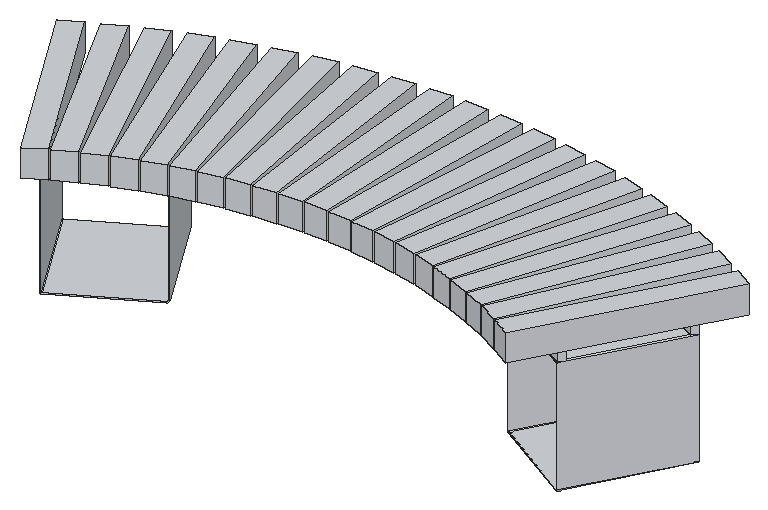
Revit family "Садово-парковая скамейка «Радиус»", category Мебель, Revit 2017
Family settings
  Номер OmniClass = 23.40.20.00
  Заголовок OmniClass = General Furniture and Specialties
  На основе рабочей плоскости = Нет
  Всегда вертикально = Да
  При загрузке вырезать с полостями = Нет
  Общий = Нет
  Точка расчета площади = Нет
Parameters (values of type "Садово-парковая скамейка «Радиус»")
  Стоимость = 9818
  С_Коментарий = "Цена указана за 1 м.п"
  Изготовитель = "ООО \"Хоббика\""
  URL = "https://hobbyka.ru/product/sadovoparkovaya_skameyka_radius/"
  ADSK_Размер_Ширина сидения = ADSK_Размер_Ширина  # 600 mm
  ADSK_Размер_Ширина = 600 mm
  ADSK_Размер_Высота сидения = ADSK_Размер_Высота  # 460 mm
  ADSK_Размер_Высота = 460 mm
  ADSK_Наименование = "Садово-парковая скамейка «Радиус»"
  ADSK_Материал опоры = none
  ADSK_Материал доски = none
  ADSK_Код изделия = "9705"
Reference planes
  plane 1 "По центру (Вперед/Назад)": y = 0
  plane 2: z = 0
  plane 3 "По центру (Влево/Вправо)": x = 0
  plane 4 "3": z = 460
  plane 5: z = 380
  plane 6 "1": z = 340
Forms (mm)
  Extrusion 1, solid, material <- "ADSK_Материал опоры"
    sketch origin (493.389, 89.517, 0) x (0.872612, -0.488414, 0) y (0, 0, 1)
      loop
        line (0, 0) -> (290, 0)
        arc (290, 0) -> (293.173, 0.937) -> (295, 3.695) r 4.835
        line (295, 3.695) -> (295, 336.262)
        arc (295, 336.262) -> (293.513, 338.908) -> (290.666, 339.957) r 4.39
        line (290.666, 339.957) -> (0, 339.957)
        arc (0, 339.957) -> (-3.241, 339.112) -> (-5, 336.262) r 4.499
        line (-5, 336.262) -> (-5, 3.695)
        arc (-5, 3.695) -> (-3.109, 1.024) -> (0, 0) r 5.23
      loop
        arc (289.935, 1.478) -> (291.84, 2.106) -> (293, 3.744) r 3.207
        line (293, 3.744) -> (293, 336.214)
        arc (293, 336.214) -> (292.045, 337.839) -> (290.271, 338.479) r 2.776
        line (290.271, 338.479) -> (-0.298, 338.479)
        arc (-0.298, 338.479) -> (-2.061, 337.838) -> (-3, 336.214) r 2.743
        line (-3, 336.214) -> (-3, 3.744)
        arc (-3, 3.744) -> (-1.84, 2.106) -> (0.065, 1.478) r 3.207
        line (0.065, 1.478) -> (289.935, 1.478)
    from 0 to -350
  Extrusion 2, solid, material <- "ADSK_Материал опоры"
    sketch origin (-746.4, -71.61, 0) x (0.859211, 0.511621, 0) y (0, 0, 1)
      loop
        line (0, 0) -> (290, 0)
        arc (290, 0) -> (293.173, 0.937) -> (295, 3.695) r 4.835
        line (295, 3.695) -> (295, 336.262)
        arc (295, 336.262) -> (293.513, 338.908) -> (290.666, 339.957) r 4.39
        line (290.666, 339.957) -> (0, 339.957)
        arc (0, 339.957) -> (-3.241, 339.112) -> (-5, 336.262) r 4.499
        line (-5, 336.262) -> (-5, 3.695)
        arc (-5, 3.695) -> (-3.109, 1.024) -> (0, 0) r 5.23
      loop
        arc (289.935, 1.478) -> (291.84, 2.106) -> (293, 3.744) r 3.207
        line (293, 3.744) -> (293, 336.214)
        arc (293, 336.214) -> (292.045, 337.839) -> (290.271, 338.479) r 2.776
        line (290.271, 338.479) -> (-0.298, 338.479)
        arc (-0.298, 338.479) -> (-2.061, 337.838) -> (-3, 336.214) r 2.743
        line (-3, 336.214) -> (-3, 3.744)
        arc (-3, 3.744) -> (-1.84, 2.106) -> (0.065, 1.478) r 3.207
        line (0.065, 1.478) -> (289.935, 1.478)
    from 0 to -350
  Extrusion 3, solid, material <- "ADSK_Материал опоры"
    sketch origin (0, 0, 0) x (1, 0, 0) y (0, 1, 0)
      loop
        arc (922.19, 251.426) -> (-5.783, 488.795) -> (-926.822, 225.801) r 1833.45
        line (-926.822, 225.801) -> (-915.461, 209.296)
        arc (-915.461, 209.296) -> (-6.223, 468.787) -> (910.042, 235.317) r 1813.45
        line (910.042, 235.317) -> (922.19, 251.426)
    from 380 to 340
  Extrusion 4, solid, material <- "ADSK_Материал доски"
    sketch origin (0, 0, 460) x (-1, 0, 0) y (0, -1, 0)
      loop
        line (-999.234, -335.729) -> (-942.514, -367.476) -> (-649.437, 156.15)
        arc (-649.437, 156.15) -> (-678.003, 171.654) -> (-706.189, 187.84) r 1353.651
        line (-706.189, 187.84) -> (-999.234, -335.729)
    from -80 to 0
  Extrusion 5, solid, material <- "ADSK_Материал доски"
    sketch origin (-70.693, -2.792, 460) x (-0.998634, -0.052247, 0) y (0.052247, -0.998634, 0)
      loop
        line (-999.234, -335.729) -> (-942.514, -367.476) -> (-649.437, 156.15)
        arc (-649.437, 156.15) -> (-678.003, 171.654) -> (-706.189, 187.84) r 1353.651
        line (-706.189, 187.84) -> (-999.234, -335.729)
    from -80 to 0
  Extrusion 6, solid, material <- "ADSK_Материал доски"
    sketch origin (-141.144, -9.273, 460) x (-0.99454, -0.104351, 0) y (0.104351, -0.99454, 0)
      loop
        line (-999.234, -335.729) -> (-942.514, -367.476) -> (-649.437, 156.15)
        arc (-649.437, 156.15) -> (-678.003, 171.654) -> (-706.189, 187.84) r 1353.651
        line (-706.189, 187.84) -> (-999.234, -335.729)
    from -80 to 0
  Extrusion 7, solid, material <- "ADSK_Материал доски"
    sketch origin (-211.161, -19.427, 460) x (-0.98773, -0.156171, 0) y (0.156171, -0.98773, 0)
      loop
        line (-999.234, -335.729) -> (-942.514, -367.476) -> (-649.437, 156.15)
        arc (-649.437, 156.15) -> (-678.003, 171.654) -> (-706.189, 187.84) r 1353.651
        line (-706.189, 187.84) -> (-999.234, -335.729)
    from -80 to 0
  Extrusion 8, solid, material <- "ADSK_Материал доски"
    sketch origin (-280.551, -33.224, 460) x (-0.978222, -0.207564, 0) y (0.207564, -0.978222, 0)
      loop
        line (-999.234, -335.729) -> (-942.514, -367.476) -> (-649.437, 156.15)
        arc (-649.437, 156.15) -> (-678.003, 171.654) -> (-706.189, 187.84) r 1353.651
        line (-706.189, 187.84) -> (-999.234, -335.729)
    from -80 to 0
  Extrusion 9, solid, material <- "ADSK_Материал доски"
    sketch origin (-349.125, -50.628, 460) x (-0.966041, -0.258389, 0) y (0.258389, -0.966041, 0)
      loop
        line (-999.234, -335.729) -> (-942.514, -367.476) -> (-649.437, 156.15)
        arc (-649.437, 156.15) -> (-678.003, 171.654) -> (-706.189, 187.84) r 1353.651
        line (-706.189, 187.84) -> (-999.234, -335.729)
    from -80 to 0
  Extrusion 10, solid, material <- "ADSK_Материал доски"
    sketch origin (-416.696, -71.592, 460) x (-0.951221, -0.308509, 0) y (0.308509, -0.951221, 0)
      loop
        line (-999.234, -335.729) -> (-942.514, -367.476) -> (-649.437, 156.15)
        arc (-649.437, 156.15) -> (-678.003, 171.654) -> (-706.189, 187.84) r 1353.651
        line (-706.189, 187.84) -> (-999.234, -335.729)
    from -80 to 0
  Extrusion 11, solid, material <- "ADSK_Материал доски"
    sketch origin (-483.08, -96.057, 460) x (-0.933803, -0.357786, 0) y (0.357786, -0.933803, 0)
      loop
        line (-999.234, -335.729) -> (-942.514, -367.476) -> (-649.437, 156.15)
        arc (-649.437, 156.15) -> (-678.003, 171.654) -> (-706.189, 187.84) r 1353.651
        line (-706.189, 187.84) -> (-999.234, -335.729)
    from -80 to 0
  Extrusion 12, solid, material <- "ADSK_Материал доски"
    sketch origin (-548.095, -123.957, 460) x (-0.913835, -0.406086, 0) y (0.406086, -0.913835, 0)
      loop
        line (-999.234, -335.729) -> (-942.514, -367.476) -> (-649.437, 156.15)
        arc (-649.437, 156.15) -> (-678.003, 171.654) -> (-706.189, 187.84) r 1353.651
        line (-706.189, 187.84) -> (-999.234, -335.729)
    from -80 to 0
  Extrusion 13, solid, material <- "ADSK_Материал доски"
    sketch origin (-611.563, -155.216, 460) x (-0.89137, -0.453277, 0) y (0.453277, -0.89137, 0)
      loop
        line (-999.234, -335.729) -> (-942.514, -367.476) -> (-649.437, 156.15)
        arc (-649.437, 156.15) -> (-678.003, 171.654) -> (-706.189, 187.84) r 1353.651
        line (-706.189, 187.84) -> (-999.234, -335.729)
    from -80 to 0
  Extrusion 14, solid, material <- "ADSK_Материал доски"
    sketch origin (-673.312, -189.748, 460) x (-0.86647, -0.499229, 0) y (0.499229, -0.86647, 0)
      loop
        line (-999.234, -335.729) -> (-942.514, -367.476) -> (-649.437, 156.15)
        arc (-649.437, 156.15) -> (-678.003, 171.654) -> (-706.189, 187.84) r 1353.651
        line (-706.189, 187.84) -> (-999.234, -335.729)
    from -80 to 0
  Extrusion 15, solid, material <- "ADSK_Материал доски"
    sketch origin (-733.172, -227.459, 460) x (-0.839203, -0.543818, 0) y (0.543818, -0.839203, 0)
      loop
        line (-999.234, -335.729) -> (-942.514, -367.476) -> (-649.437, 156.15)
        arc (-649.437, 156.15) -> (-678.003, 171.654) -> (-706.189, 187.84) r 1353.651
        line (-706.189, 187.84) -> (-999.234, -335.729)
    from -80 to 0
  Extrusion 16, solid, material <- "ADSK_Материал доски"
    sketch origin (-790.98, -268.246, 460) x (-0.809644, -0.586921, 0) y (0.586921, -0.809644, 0)
      loop
        line (-999.234, -335.729) -> (-942.514, -367.476) -> (-649.437, 156.15)
        arc (-649.437, 156.15) -> (-678.003, 171.654) -> (-706.189, 187.84) r 1353.651
        line (-706.189, 187.84) -> (-999.234, -335.729)
    from -80 to 0
  Extrusion 17, solid, material <- "ADSK_Материал доски"
    sketch origin (-846.578, -311.998, 460) x (-0.777873, -0.628421, 0) y (0.628421, -0.777873, 0)
      loop
        line (-999.234, -335.729) -> (-942.514, -367.476) -> (-649.437, 156.15)
        arc (-649.437, 156.15) -> (-678.003, 171.654) -> (-706.189, 187.84) r 1353.651
        line (-706.189, 187.84) -> (-999.234, -335.729)
    from -80 to 0
  Extrusion 18, solid, material <- "ADSK_Материал доски"
    sketch origin (-899.814, -358.595, 460) x (-0.743978, -0.668204, 0) y (0.668204, -0.743978, 0)
      loop
        line (-999.234, -335.729) -> (-942.514, -367.476) -> (-649.437, 156.15)
        arc (-649.437, 156.15) -> (-678.003, 171.654) -> (-706.189, 187.84) r 1353.651
        line (-706.189, 187.84) -> (-999.234, -335.729)
    from -80 to 0
  Extrusion 19, solid, material <- "ADSK_Материал доски"
    sketch origin (-950.543, -407.909, 460) x (-0.70805, -0.706163, 0) y (0.706163, -0.70805, 0)
      loop
        line (-999.234, -335.729) -> (-942.514, -367.476) -> (-649.437, 156.15)
        arc (-649.437, 156.15) -> (-678.003, 171.654) -> (-706.189, 187.84) r 1353.651
        line (-706.189, 187.84) -> (-999.234, -335.729)
    from -80 to 0
  Extrusion 20, solid, material <- "ADSK_Материал доски"
    sketch origin (-998.626, -459.807, 460) x (-0.670188, -0.742192, 0) y (0.742192, -0.670188, 0)
      loop
        line (-999.234, -335.729) -> (-942.514, -367.476) -> (-649.437, 156.15)
        arc (-649.437, 156.15) -> (-678.003, 171.654) -> (-706.189, 187.84) r 1353.651
        line (-706.189, 187.84) -> (-999.234, -335.729)
    from -80 to 0
  Extrusion 21, solid, material <- "ADSK_Материал доски"
    sketch origin (-1043.932, -514.146, 460) x (-0.630495, -0.776193, 0) y (0.776193, -0.630495, 0)
      loop
        line (-999.234, -335.729) -> (-942.514, -367.476) -> (-649.437, 156.15)
        arc (-649.437, 156.15) -> (-678.003, 171.654) -> (-706.189, 187.84) r 1353.651
        line (-706.189, 187.84) -> (-999.234, -335.729)
    from -80 to 0
  Extrusion 22, solid, material <- "ADSK_Материал доски"
    sketch origin (-1086.337, -570.778, 460) x (-0.58908, -0.808075, 0) y (0.808075, -0.58908, 0)
      loop
        line (-999.234, -335.729) -> (-942.514, -367.476) -> (-649.437, 156.15)
        arc (-649.437, 156.15) -> (-678.003, 171.654) -> (-706.189, 187.84) r 1353.651
        line (-706.189, 187.84) -> (-999.234, -335.729)
    from -80 to 0
  Extrusion 23, solid, material <- "ADSK_Материал доски"
    sketch origin (-1125.725, -629.548, 460) x (-0.546056, -0.837749, 0) y (0.837749, -0.546056, 0)
      loop
        line (-999.234, -335.729) -> (-942.514, -367.476) -> (-649.437, 156.15)
        arc (-649.437, 156.15) -> (-678.003, 171.654) -> (-706.189, 187.84) r 1353.651
        line (-706.189, 187.84) -> (-999.234, -335.729)
    from -80 to 0
  Extrusion 24, solid, material <- "ADSK_Материал доски"
    sketch origin (-1161.989, -690.296, 460) x (-0.50154, -0.865134, 0) y (0.865134, -0.50154, 0)
      loop
        line (-999.234, -335.729) -> (-942.514, -367.476) -> (-649.437, 156.15)
        arc (-649.437, 156.15) -> (-678.003, 171.654) -> (-706.189, 187.84) r 1353.651
        line (-706.189, 187.84) -> (-999.234, -335.729)
    from -80 to 0
  Extrusion 25, solid, material <- "ADSK_Материал опоры"
    sketch origin (0, 0, 0) x (1, 0, 0) y (0, 1, 0)
      loop
        line (751.246, -53.986) -> (763.389, -37.882)
        arc (763.389, -37.882) -> (-1.661, 158.826) -> (-760.849, -59.417) r 1503.629
        line (-760.849, -59.417) -> (-749.491, -75.919)
        arc (-749.491, -75.919) -> (-2.101, 138.818) -> (751.246, -53.986) r 1483.629
    from 340 to 380
Lines and regions (mm)
  reference lines
    curve 1: circle (18.049, -1353.53, 0) r 1353.651 normal (0, 0, -1)
    curve 2: line (493.389, 89.517, 0) -> (746.447, -52.123, 0)
    curve 3: line (746.447, -52.123, 0) -> (493.389, 89.517, 0)
    curve 4: arc (912.789, -160.029, 0) -> (51.678, 138.629, 0) -> (-821.547, -122.498, 0) r 1483.629
    curve 5: arc (1123.496, 119.422, 0) -> (59.257, 488.543, 0) -> (-1019.941, 165.767, 0) r 1833.45
    curve 6: line (19.624, -1344.479, 460) -> (19.624, -2944.479, 460)
Dimensions and locks
  plane 4 "3" to plane 5 to plane 6 "1" to curve 5 = 80 mm locked, 40 mm locked, 340 mm locked
  aligned and locked: level to plane 2
  aligned and locked: plane 5 to Extrusion 3
  aligned and locked: plane 6 "1" to Extrusion 3
  aligned and locked: Extrusion 4 to plane 5
  aligned and locked: plane 4 "3" to Extrusion 4
  aligned and locked: plane 5 to Extrusion 25
  aligned and locked: plane 6 "1" to Extrusion 25
